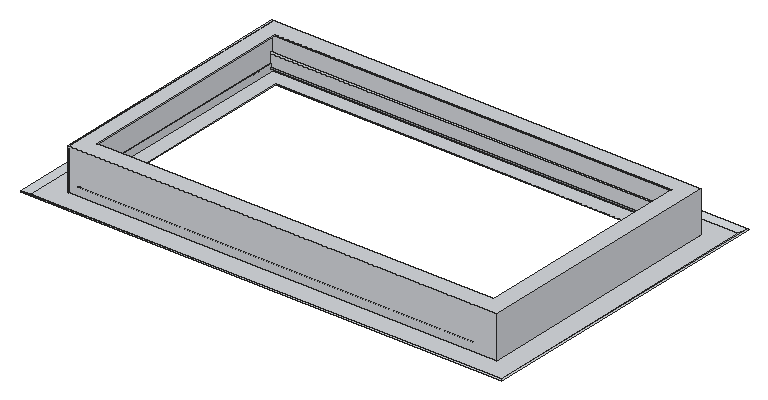
Revit family "F35-BLADE ZERO DEGREE", category Air Terminals, Revit 2018
Family settings
  Round Connector Dimension = Use Diameter
  Part Type = Normal
  OmniClass Number = 23.75.00.00
  OmniClass Title = Climate Control (HVAC)
  Work Plane-Based = No
  Always vertical = Yes
  Cut with Voids When Loaded = No
  Shared = No
  Room Calculation Point = No
Parameters (values of type "F35/1L/H/L")
  Width [instance] = NOM WIDTH - 0' 0 1/4"  # 1' - 7 3/4"
  URL = "https://www.anemostat-hvac.com"
  DUCT INLET WIDTH [instance] = if(NOM WIDTH < Min Size, Min Size, if(NOM WIDTH > Max Size, Max Size, NOM WIDTH))  # 1' - 8"
  DUCT INLET HEIGHT [instance] = if(NOM HEIGHT < Min Size, Min Size, if(NOM HEIGHT > Max Size, Max Size, NOM HEIGHT))  # 1' - 0"
  NOM WIDTH [instance] = 1' - 8"
  NOM HEIGHT [instance] = 1' - 0"
  Model = "F35 (Surface Mounted)"
  Min Size = 0' - 6"  # constant formula
  Max Size = 4' - 0"  # constant formula
  Manufacturer = "ANEMOSTAT PRODUCTS"
  Height [instance] = NOM HEIGHT - 0' 0 1/4"  # 0' - 11 3/4"
  Flatflange = 0' - 1"
  Filter = 0' - 1 31/32"
  Facethickness = 0' - 0 1/32"
  Faceflange = 0' - 1 1/4"
  FaceWid [instance] = NOM WIDTH - 0' 0 1/2"  # 1' - 7 1/2"
  FaceOpen [instance] = 0' - 0 3/4"
  FaceHi [instance] = NOM HEIGHT - 0' 0 1/2"  # 0' - 11 1/2"
  Description = "Hinged Return Filter Grille; 45 degree Deflection; 1/2\" Spacing"
  Bladethick = 0' - 0.11053"
  Bladedepth = 0' - 0 3/8"
  BladeWid = 0' - 0 55/128"
  BladeThickness = 0' - 0 5/128"
  BladeSpacing = 0' - 0 1/2"
  BladeLength [instance] = NOM WIDTH - 0' 0 3/4"  # 1' - 7 1/4"
  BladeHi = 0' - 0 3/4"
  BladeHead = 0' - 0 23/256"
  BladeAngle = 138.00°
Types (13): name | Width | DUCT INLET WIDTH | DUCT INLET HEIGHT | NOM WIDTH | NOM HEIGHT | Height | Filter | FaceWid | FaceHi | Description | Bladethick | BladeLength | BladeHead
  (no name) | 1' - 7 3/4" | 1' - 8" | 1' - 0" | 1' - 8" | 1' - 0" | 0' - 11 3/4" | 0' - 1 31/32" | 1' - 7 1/2" | 0' - 11 1/2" | "Hinged Return Filter Grille; 45 degree Deflection; 1/2\" Spacing" | 0' - 0.11053" | 1' - 7 1/4" | 0' - 0 23/256"
  F35/1/H/L | 1' - 3 3/4" | 1' - 4" | 1' - 0" | 1' - 4" | 1' - 0" | 0' - 11 3/4" | 0' - 1 31/32" | 1' - 3 1/2" | 0' - 11 1/2" | "Hinged Return Filter Grille; 45 degree Deflection; 1/2\" Spacing" | 0' - 0.11053" | 1' - 3 1/4" | 0' - 0 23/256"
  F35/2/H/L | 1' - 5 3/4" | 1' - 6" | 1' - 0" | 1' - 6" | 1' - 0" | 0' - 11 3/4" | 0' - 2 31/32" | 1' - 5 1/2" | 0' - 11 1/2" | "Hinged Return Filter Grille; 45 degree Deflection; 1/2\" Spacing" | 0' - 0.11053" | 1' - 5 1/4" | 0' - 0 23/256"
  F35/2S/H/L | 2' - 1 3/4" | 2' - 2" | 1' - 4" | 2' - 2" | 1' - 4" | 1' - 3 3/4" | 0' - 2 31/32" | 2' - 1 1/2" | 1' - 3 1/2" | "Hinged Return Filter Grille; Zero degree Deflection; 1/2\" Spacing" | 0' - 0.11085" | 2' - 1 1/4" | 0' - 0 3/16"
  F35/2L/H/L | 1' - 11 3/4" | 2' - 0" | 1' - 2" | 2' - 0" | 1' - 2" | 1' - 1 3/4" | 0' - 2 31/32" | 1' - 11 1/2" | 1' - 1 1/2" | "Hinged Return Filter Grille; 45 degree Deflection; 1/2\" Spacing" | 0' - 0.11053" | 1' - 11 1/4" | 0' - 0 23/256"
  F35/2/H/S | 0' - 5 3/4" | 0' - 6" | 1' - 0" | 0' - 6" | 1' - 0" | 0' - 11 3/4" | 0' - 2 31/32" | 0' - 5 1/2" | 0' - 11 1/2" | "Hinged Return Filter Grille; 45 degree Deflection; 1/2\" Spacing" | 0' - 0.11053" | 0' - 5 1/4" | 0' - 0 23/256"
  F35/2S/H/S | 0' - 11 3/4" | 1' - 0" | 1' - 8" | 1' - 0" | 1' - 8" | 1' - 7 3/4" | 0' - 2 31/32" | 0' - 11 1/2" | 1' - 7 1/2" | "Hinged Return Filter Grille; 45 degree Deflection; 1/2\" Spacing" | 0' - 0.11053" | 0' - 11 1/4" | 0' - 0 23/256"
  F35/2L/H/S | 0' - 11 3/4" | 1' - 0" | 2' - 0" | 1' - 0" | 2' - 0" | 1' - 11 3/4" | 0' - 2 31/32" | 0' - 11 1/2" | 1' - 11 1/2" | "Hinged Return Filter Grille; 45 degree Deflection; 1/2\" Spacing" | 0' - 0.11053" | 0' - 11 1/4" | 0' - 0 23/256"
  F35/1S/H/L | 1' - 11 3/4" | 2' - 0" | 1' - 0" | 2' - 0" | 1' - 0" | 0' - 11 3/4" | 0' - 1 31/32" | 1' - 11 1/2" | 0' - 11 1/2" | "Hinged Return Filter Grille; 45 degree Deflection; 1/2\" Spacing" | 0' - 0.11053" | 1' - 11 1/4" | 0' - 0 23/256"
  F35/1L/H/L | 1' - 7 3/4" | 1' - 8" | 1' - 0" | 1' - 8" | 1' - 0" | 0' - 11 3/4" | 0' - 1 31/32" | 1' - 7 1/2" | 0' - 11 1/2" | "Hinged Return Filter Grille; 45 degree Deflection; 1/2\" Spacing" | 0' - 0.11053" | 1' - 7 1/4" | 0' - 0 23/256"
  F35/1S/H/S | 0' - 11 3/4" | 1' - 0" | 1' - 6" | 1' - 0" | 1' - 6" | 1' - 5 3/4" | 0' - 1 31/32" | 0' - 11 1/2" | 1' - 5 1/2" | "Hinged Return Filter Grille; 45 degree Deflection; 1/2\" Spacing" | 0' - 0.11053" | 0' - 11 1/4" | 0' - 0 23/256"
  F35/1L/H/S | 1' - 1 3/4" | 1' - 2" | 2' - 0" | 1' - 2" | 2' - 0" | 1' - 11 3/4" | 0' - 1 31/32" | 1' - 1 1/2" | 1' - 11 1/2" | "Hinged Return Filter Grille; 45 degree Deflection; 1/2\" Spacing" | 0' - 0.11053" | 1' - 1 1/4" | 0' - 0 23/256"
  F35/1/H/S | 1' - 3 3/4" | 1' - 4" | 2' - 0" | 1' - 4" | 2' - 0" | 1' - 11 3/4" | 0' - 1 31/32" | 1' - 3 1/2" | 1' - 11 1/2" | "Hinged Return Filter Grille; 45 degree Deflection; 1/2\" Spacing" | 0' - 0.11053" | 1' - 3 1/4" | 0' - 0 23/256"
Reference planes (in)
  plane 1 "Center (Front/Back)": y = 0
  plane 2: z = 0
  plane 3 "Center (Left/Right)": x = 0
  plane 4: y = 5.75
  plane 5: x = 9.75
  plane 6: y = -5.75
  plane 7: x = -9.75
Forms (in)
  Extrusion 1, solid
    sketch origin (0, 0, 0) x (1, 0, 0) y (0, 1, 0)
      loop
        line (-9.75, 5.75) -> (-9.75, -5.75) -> (9.75, -5.75) -> (9.75, 5.75) -> (-9.75, 5.75)
    from 0 to 0.03125 <- "Facethickness"
  Sweep 2, solid
    path in 3D
      loop
        line (-9.75, -5.75, 0.03125) -> (9.75, -5.75, 0.03125) -> (9.75, 5.75, 0.03125) -> (-9.75, 5.75, 0.03125) -> (-9.75, -5.75, 0.03125)
    profile origin (-9.75, 0, 0.03125) x (1, 0, 0) y (0, 0, 1)
      loop
        line (0, 0) -> (0.03125, 0) -> (0.03125, 0.32393) -> (0, 0.32393) -> (0, 0)
  Extrusion 3, void
    sketch origin (0, 0, 0) x (1, 0, 0) y (0, 1, 0)
      loop
        line (-9, 5) -> (-9, -5) -> (9, -5) -> (9, 5) -> (-9, 5)
    from 0 to 0.03125 <- "Facethickness"
  Extrusion 4, solid
    sketch origin (-9.71875, 5.71875, 0.35518) x (0, -1, 0) y (0, 0, -1)
      loop
        arc (11.22266, 0.13252) -> (11.19212, 0.21039) -> (11.16159, 0.13252) r 0.04492
        line (11.16159, 0.13252) -> (11.16159, -0.42997)
        arc (11.16159, -0.42997) -> (11.19212, -0.46051) -> (11.22266, -0.42997) r 0.03053
        line (11.22266, -0.42997) -> (11.22266, 0.13252)
    from 0 to 19.25 <- "BladeLength"
  Sweep 5, solid
    path origin (0, 0, 0) x (1, 0, 0) y (0, 1, 0)
      loop
        line (-9.83984, 5.83984) -> (-9.83984, -5.83984) -> (9.83984, -5.83984) -> (9.83984, 5.83984) -> (-9.83984, 5.83984)
    profile origin (0, 5.83984, 0) x (0, 1, 0) y (0, 0, 1)
      loop
        line (0, 0) -> (1, 0) -> (1.25, 0.17505) -> (1.22759, 0.20705) -> (0.98768, 0.03906) -> (0.03906, 0.03906) -> (0.03906, 1.96875) -> (-0.71094, 1.96875) -> (-0.71094, 1.92969) -> (0, 1.92969) -> (0, 0)
  Extrusion 6, solid
    sketch origin (-9.71875, 20.71875, 0.35518) x (0, -1, 0) y (0, 0, -1)
      loop
        arc (15.11966, 0.13252) -> (15.08913, 0.21039) -> (15.05859, 0.13252) r 0.04492
        line (15.05859, 0.13252) -> (15.05859, -0.42997)
        arc (15.05859, -0.42997) -> (15.08913, -0.46051) -> (15.11966, -0.42997) r 0.03053
        line (15.11966, -0.42997) -> (15.11966, 0.13252)
    from 0 to 19.25 <- "BladeLength"
Cuts and joins
  Extrusion 3 cuts Extrusion 1
Lines and regions (in)
  sketch lines
    curve 1: line (-9.75, 5.75, 0.03125) -> (-9.75, -5.75, 0.03125)
    curve 2: line (9.75, 5.75, 0.03125) -> (-9.75, 5.75, 0.03125)
    curve 3: line (9.75, -5.75, 0.03125) -> (9.75, 5.75, 0.03125)
    curve 4: line (-9.75, -5.75, 0.03125) -> (9.75, -5.75, 0.03125)
Dimensions and locks (in)
  equal spacing: plane 7, plane 3 "Center (Left/Right)", plane 5
  equal spacing: plane 4, plane 1 "Center (Front/Back)", plane 6
  "FaceWid": plane 7 to plane 5
  "FaceHi": plane 4 to plane 6
  "FaceOpen": plane 4 to Extrusion 3 sketch curve
  "FaceOpen": plane 6 to Extrusion 3 sketch curve
  "FaceOpen": Extrusion 3 sketch curve to plane 5
  "FaceOpen": plane 7 to Extrusion 3 sketch curve
  "BladeHead": Sweep 5 sketch curve to plane 4
  "BladeHead": plane 5 to Sweep 5 sketch curve
  "BladeHead": Sweep 5 sketch curve to plane 7
  "BladeHead": Sweep 5 sketch curve to plane 6
  "BladeThickness": Sweep 5 sketch curve to Sweep 5 sketch curve  (x4)
  "Faceflange": Sweep 5 sketch curve to profile plane
  "Flatflange": Sweep 5 sketch curve to profile plane
  "BladeHi": Sweep 5 sketch curve to Sweep 5 sketch curve
  "Filter": cut or joined group of Extrusion 1, Extrusion 3 to Sweep 5 sketch curve
  Extrusion 4 sketch curve to Extrusion 4 sketch curve = 0' - 0.06107"
  "Bladedepth": Sweep 5 to Extrusion 4 sketch curve
  Extrusion 6 sketch curve to Extrusion 6 sketch curve = 0' - 0.06107"
  "BladeHead": Extrusion 6 sketch curve to Sweep 2
  "BladeHead": diameter of Extrusion 4 sketch curve
  "BladeHead": diameter of Extrusion 6 sketch curve
  angle Sweep 5 sketch curve to Sweep 5 sketch curve = 145.00°
  aligned and locked: level to plane 2
  aligned and locked: Extrusion 1 sketch curve to plane 4
  aligned and locked: plane 7 to Extrusion 1 sketch curve
  aligned and locked: Extrusion 1 sketch curve to plane 6
  aligned and locked: Extrusion 1 sketch curve to plane 5
  aligned and locked: Sweep 2 sketch curve to Extrusion 1
Automatic sketch dimensions
  profile plane to Sweep 2 sketch curve = 0' - 0"
  Sweep 2 sketch curve to profile plane = 0' - 0 1/32"
  profile plane to Sweep 2 sketch curve = 0' - 0.32393"
  Extrusion 4 sketch curve to Extrusion 4 sketch curve = 0' - 0.03053"
  Extrusion 4 sketch curve to Sweep 2 = 0' - 0.42997"
  Sweep 2 to Extrusion 4 sketch curve = 0' - 0.13252"
  Sweep 5 sketch curve to profile plane = 0' - 0"
  Sweep 5 sketch curve to level = 0' - 0"
  Extrusion 6 sketch curve to Extrusion 6 sketch curve = 0' - 0.03053"
  Extrusion 6 sketch curve to Sweep 2 = 0' - 0.42997"
  Sweep 2 to Extrusion 6 sketch curve = 0' - 0.13252"
Connectors (in)
  hvac at (0, 0, 1.92969), driven by "DUCT INLET HEIGHT", driven by "DUCT INLET WIDTH"
    settings: on Sweep 5, index 1, duct flow 0 CFM, flow factor 0, pres drop 0.00 in-wg, loss coef 0, conn angle 0.00°, conn width 20", conn height 12", conn diameter 24", duct sys type 1, conn prof type 1, flow config 0, flow direction 1, loss method 0, conn ref index -1, conn util no, is conn primary yes, conn desc ""
